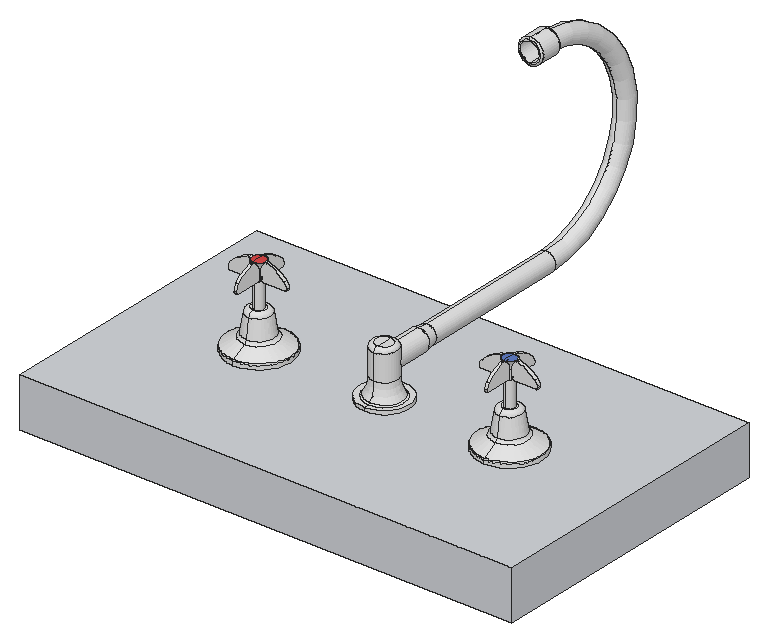
Revit family
Parameters (values of type "49946 (Jumper Valve)")
  WELSRating_ANZRS = "5 star"
  URL = "www.galvinengineering.com.au"
  Type Comments = "Vendal Resistant"
  StyleOrType_ANZRS = "Plumbing Fixture"
  Seating = "Jumper Valve (Option of 1/2 Turn Ceramic Disc)"
  PlumbingMaterial_ANZRS = Metal_Taps_DR-Brass-with-Chrome-Finish_10800
  Outlet = "Swivel Gooseneck 200mm Spout DPW (NSW) with Aerator"
  ModifiedIssue_ANZRS = 20120629.01  # constant formula
  Model = "49946"
  Manufacturer = "Galvin Engineering"
  Keynote = "15400"
  Instructions = "http://www.galvinengineering.com.au/Installation_Guides_1.aspx"
  Inlet = "15mm BSP"
  FlowRate = 0.10 L/s
  FilterObject_ANZRS = "Vendal Resistant"
  DimWidth = 255 mm  # constant formula
  DimInletRadius = 7.5 mm  # constant formula
  DimHeight = 315 mm  # constant formula
  DimDepth = 235 mm  # constant formula
  Description = "Vandal Resistant DPW Wall Sink Set - Jumper Valve, Swivel Gooseneck Sout 200cc x 180h"
  Default Elevation = 900 mm
  CreatedBy_ANZRS = "Galvin Engineering"  # constant formula
  CreatedByURL_ANZRS = "www.galvinengineering.com.au"
  CreatedByPhoneNo_ANZRS = "61-8-92495900"  # constant formula
  Assembly Code = "D2010"
Reference planes
  plane 1 "Bottom": y = 0
  plane 2 "Face": z = 0
  plane 3 "Center (Left/Right)": x = 0
  plane 4 "Left": x = -127.5
  plane 5 "Right": x = 127.5
  plane 6 "Front": z = 235
  plane 7: z = 82.559
  plane 8 "Top": y = 315
  plane 9: y = 185
Forms (mm)
  Extrusion 1, solid
    sketch origin (0, -719.2, 0) x (1, 0, 0) y (0, 1, 0)
      loop
        line (-250, 869.2) -> (-250, 569.2) -> (250, 569.2) -> (250, 869.2) -> (-250, 869.2)
    from 0 to -50
  Revolve 2, solid, material "Metal_Taps_DR-Brass-with-Chrome-Finish_10800" <- "PlumbingMaterial_ANZRS"
    sketch origin (-127.5, 0, 0) x (0, 1, 0) y (0, 0, 1)
      loop
        line (0, 82.559) -> (-7.407, 82.559)
        arc (-7.407, 82.559) -> (-3.989, 78.83) -> (-2.75, 73.925) r 10.333
        line (-2.75, 73.925) -> (-2.75, 64.159) -> (-4.827, 64.159) -> (-4.827, 39) -> (-7.33, 39)
        arc (-7.33, 39) -> (-10.552, 37.823) -> (-12.258, 34.846) r 5
        line (-12.258, 34.846) -> (-15.443, 16.298)
        arc (-15.443, 16.298) -> (-16.285, 14.262) -> (-17.92, 12.786) r 5
        line (-17.92, 12.786) -> (-31.99, 4.872)
        arc (-31.99, 4.872) -> (-32.363, 4.505) -> (-32.5, 4) r 1
        line (-32.5, 4) -> (-32.5, 0) -> (0, 0) -> (0, 82.559)
      axis (0, 0) -> (0, 82.559)
    angle from 0 to 360
  Extrusion 3, solid, material "Metal_Taps_DR-Brass-with-Chrome-Finish_10800" <- "PlumbingMaterial_ANZRS"
    sketch origin (-127.5, 0, 8.123) x (0, 1, 0) y (0, 0, 1)
      loop
        line (-27.98, 56.036) -> (28.02, 56.036)
        arc (28.02, 56.036) -> (29.11, 56.505) -> (29.518, 57.62) r 1.5
        arc (29.518, 57.62) -> (28.88, 61.161) -> (26.905, 64.169) r 9
        arc (26.905, 64.169) -> (19.204, 70.219) -> (10.263, 74.216) r 40
        arc (10.263, 74.216) -> (9.538, 74.381) -> (8.796, 74.436) r 5
        line (8.796, 74.436) -> (-8.62, 74.436)
        arc (-8.62, 74.436) -> (-9.363, 74.38) -> (-10.09, 74.215) r 5
        arc (-10.09, 74.215) -> (-19.14, 70.144) -> (-26.909, 63.971) r 40
        arc (-26.909, 63.971) -> (-28.831, 61.029) -> (-29.479, 57.576) r 9
        arc (-29.479, 57.576) -> (-29.054, 56.49) -> (-27.98, 56.036) r 1.5
    from -1.5 to 1.5
  Revolve 4, solid, material "Plastic_Taps_Red_10800"
    sketch origin (-127.5, 0, 8.123) x (0, 1, 0) y (0, 0, 1)
      loop
        line (0, 74.436) -> (0, 75.522)
        spline (0, 75.522) -> (-0.816, 75.513) -> (-1.618, 75.485) -> (-2.392, 75.44) -> (-3.125, 75.377) -> (-3.805, 75.298) -> (-4.419, 75.204) -> (-4.958, 75.097) -> (-5.413, 74.979) -> (-5.774, 74.852) -> (-6.037, 74.717) -> (-6.197, 74.578) -> (-6.25, 74.436)
        line (-6.25, 74.436) -> (0, 74.436)
      axis (0, 74.436) -> (0, 75.522)
    angle from 0 to 360
  Extrusion 5, solid, material "Metal_Taps_DR-Brass-with-Chrome-Finish_10800" <- "PlumbingMaterial_ANZRS"
    sketch origin (0, 0, 8.123) x (1, 0, 0) y (0, 0, 1)
      loop
        arc (-99.501, 56.036) -> (-98.426, 56.49) -> (-98.001, 57.576) r 1.5
        arc (-98.001, 57.576) -> (-98.65, 61.029) -> (-100.571, 63.971) r 9
        arc (-100.571, 63.971) -> (-108.341, 70.144) -> (-117.391, 74.215) r 40
        arc (-117.391, 74.215) -> (-118.117, 74.38) -> (-118.86, 74.436) r 5
        line (-118.86, 74.436) -> (-136.277, 74.436)
        arc (-136.277, 74.436) -> (-137.018, 74.381) -> (-137.743, 74.216) r 5
        arc (-137.743, 74.216) -> (-146.684, 70.219) -> (-154.385, 64.169) r 40
        arc (-154.385, 64.169) -> (-156.36, 61.161) -> (-156.999, 57.62) r 9
        arc (-156.999, 57.62) -> (-156.591, 56.505) -> (-155.501, 56.036) r 1.5
        line (-155.501, 56.036) -> (-99.501, 56.036)
    from -1.5 to 1.5
  Revolve 6, solid, material "Metal_Taps_DR-Brass-with-Chrome-Finish_10800" <- "PlumbingMaterial_ANZRS"
    sketch origin (0, 0, 0) x (0, 1, 0) y (0, 0, 1)
      loop
        line (0, 52) -> (-8.8, 52)
        arc (-8.8, 52) -> (-11.628, 50.828) -> (-12.8, 48) r 4
        line (-12.8, 48) -> (-12.8, 22.034)
        arc (-12.8, 22.034) -> (-14.107, 12.865) -> (-17.923, 4.427) r 32.816
        arc (-17.923, 4.427) -> (-18.648, 3.747) -> (-19.611, 3.5) r 2
        line (-19.611, 3.5) -> (-25.3, 3.5) -> (-25.3, 0) -> (0, 0) -> (0, 52)
      axis (0, 0) -> (0, 52)
    angle from 0 to 360
  Sweep 7, solid, material "Metal_Taps_DR-Brass-with-Chrome-Finish_10800" <- "PlumbingMaterial_ANZRS"
    path origin (0, 0, 0) x (0, 1, 0) y (0, 0, 1)
      loop
        arc (205.505, 235) -> (305.505, 135) -> (205.505, 35) r 100
        line (205.505, 35) -> (54.2, 35)
    profile origin (0, 129.853, 35) x (0, 0, -1) y (1, 0, 0)
      loop
        circle (0, 0) r 9.5
  Revolve 8, solid, material "Metal_Taps_DR-Brass-with-Chrome-Finish_10800" <- "PlumbingMaterial_ANZRS"
    sketch origin (0, 96.134, -53.668) x (0, 0.173648, -0.984808) y (0, 0.984808, 0.173648)
      loop
        line (-277.445, 161.464) -> (-280.999, 141.308)
        arc (-280.999, 141.308) -> (-280.75, 140.187) -> (-279.782, 139.57) r 1.5
        line (-279.782, 139.57) -> (-278.305, 139.31) -> (-275.222, 156.795) -> (-273.252, 156.448) -> (-272.34, 161.618) -> (-276.243, 162.306)
        arc (-276.243, 162.306) -> (-277.018, 162.134) -> (-277.445, 161.464) r 1.038
      axis (-264.856, 160.298) -> (-268.851, 137.643)
    angle from 0 to 360
  Revolve 9, solid, material "Metal_Taps_DR-Brass-with-Chrome-Finish_10800" <- "PlumbingMaterial_ANZRS"
    sketch origin (127.5, 0, 0) x (0, 1, 0) y (0, 0, 1)
      loop
        line (0, 82.559) -> (-7.407, 82.559)
        arc (-7.407, 82.559) -> (-3.989, 78.83) -> (-2.75, 73.925) r 10.333
        line (-2.75, 73.925) -> (-2.75, 64.159) -> (-4.827, 64.159) -> (-4.827, 39) -> (-7.33, 39)
        arc (-7.33, 39) -> (-10.552, 37.823) -> (-12.258, 34.846) r 5
        line (-12.258, 34.846) -> (-15.443, 16.298)
        arc (-15.443, 16.298) -> (-16.285, 14.262) -> (-17.92, 12.786) r 5
        line (-17.92, 12.786) -> (-31.99, 4.872)
        arc (-31.99, 4.872) -> (-32.363, 4.505) -> (-32.5, 4) r 1
        line (-32.5, 4) -> (-32.5, 0) -> (0, 0) -> (0, 82.559)
      axis (0, 0) -> (0, 82.559)
    angle from 0 to 360
  Extrusion 10, solid, material "Metal_Taps_DR-Brass-with-Chrome-Finish_10800" <- "PlumbingMaterial_ANZRS"
    sketch origin (127.5, 0, 0) x (0, 1, 0) y (0, 0, -1)
      loop
        arc (-27.98, -64.159) -> (-29.054, -64.613) -> (-29.479, -65.699) r 1.5
        arc (-29.479, -65.699) -> (-28.831, -69.153) -> (-26.909, -72.094) r 9
        arc (-26.909, -72.094) -> (-19.14, -78.268) -> (-10.09, -82.338) r 40
        arc (-10.09, -82.338) -> (-9.363, -82.504) -> (-8.62, -82.559) r 5
        line (-8.62, -82.559) -> (8.796, -82.559)
        arc (8.796, -82.559) -> (9.538, -82.504) -> (10.263, -82.339) r 5
        arc (10.263, -82.339) -> (19.204, -78.342) -> (26.905, -72.292) r 40
        arc (26.905, -72.292) -> (28.88, -69.284) -> (29.518, -65.743) r 9
        arc (29.518, -65.743) -> (29.11, -64.629) -> (28.02, -64.159) r 1.5
        line (28.02, -64.159) -> (-27.98, -64.159)
    from -1.5 to 1.5
  Revolve 11, solid, material "Plastic_Taps_Blue_10800"
    sketch origin (127.5, 0, 0) x (0, 1, 0) y (0, 0, 1)
      loop
        line (0, 82.559) -> (0, 83.646)
        spline (0, 83.646) -> (-0.816, 83.636) -> (-1.618, 83.609) -> (-2.392, 83.563) -> (-3.125, 83.5) -> (-3.805, 83.421) -> (-4.419, 83.327) -> (-4.958, 83.221) -> (-5.413, 83.102) -> (-5.774, 82.975) -> (-6.037, 82.84) -> (-6.197, 82.701) -> (-6.25, 82.559)
        line (-6.25, 82.559) -> (0, 82.559)
      axis (0, 82.559) -> (0, 83.646)
    angle from 0 to 360
  Extrusion 12, solid, material "Metal_Taps_DR-Brass-with-Chrome-Finish_10800" <- "PlumbingMaterial_ANZRS"
    sketch origin (0, 0, 8.123) x (-1, 0, 0) y (0, 0, -1)
      loop
        line (-99.501, -56.036) -> (-155.501, -56.036)
        arc (-155.501, -56.036) -> (-156.591, -56.505) -> (-156.999, -57.62) r 1.5
        arc (-156.999, -57.62) -> (-156.36, -61.161) -> (-154.385, -64.169) r 9
        arc (-154.385, -64.169) -> (-146.684, -70.219) -> (-137.743, -74.216) r 40
        arc (-137.743, -74.216) -> (-137.018, -74.381) -> (-136.277, -74.436) r 5
        line (-136.277, -74.436) -> (-118.86, -74.436)
        arc (-118.86, -74.436) -> (-118.117, -74.38) -> (-117.391, -74.215) r 5
        arc (-117.391, -74.215) -> (-108.341, -70.144) -> (-100.571, -63.971) r 40
        arc (-100.571, -63.971) -> (-98.65, -61.029) -> (-98.001, -57.576) r 9
        arc (-98.001, -57.576) -> (-98.426, -56.49) -> (-99.501, -56.036) r 1.5
    from -1.5 to 1.5
  Revolve 13, solid, material "Metal_Taps_DR-Brass-with-Chrome-Finish_10800" <- "PlumbingMaterial_ANZRS"
    sketch origin (0, -57.671, -253.668) x (0, 0.173648, -0.984808) y (0, 0.984808, 0.173648)
      loop
        line (-277.697, 151.393) -> (-284.609, 112.193) -> (-273.678, 110.265) -> (-264.856, 160.298) -> (-274.211, 161.948) -> (-277.697, 151.393)
      axis (-264.856, 160.298) -> (-273.678, 110.265)
    angle from 0 to 360
Cuts and joins
  joined: Sweep 7, Revolve 8
  joined: Revolve 6, Revolve 13
Dimensions and locks
  "DimDepth": plane 2 "Face" to plane 6 "Front"
  "DimWidth": plane 4 "Left" to plane 5 "Right"
  locked: plane 2 "Face" to plane 7 at 82.559
  "DimHeight": plane 8 "Top" to plane 1 "Bottom"
  locked: plane 9 to plane 1 "Bottom" at 185
  aligned and locked: plane 2 "Face" to Extrusion 1
  aligned and locked: level to Extrusion 1
Automatic sketch dimensions
  Extrusion 1 sketch curve to Extrusion 1 sketch curve = 500 mm
  Extrusion 1 sketch curve to Extrusion 1 sketch curve = 300 mm
  Revolve 2 sketch curve to level = 0 mm
  plane 7 to Revolve 2 sketch curve = 0 mm
  Revolve 2 sketch curve to plane 1 "Bottom" = 0 mm  (x2)
  plane 1 "Bottom" to Revolve 2 sketch curve = 2.75 mm
  Revolve 2 sketch curve to Revolve 2 sketch curve = 2.077 mm
  Revolve 2 sketch curve to Revolve 2 sketch curve = 2.502 mm
  plane 1 "Bottom" to Revolve 2 sketch curve = 7.407 mm
  Revolve 2 sketch curve to Revolve 2 sketch curve = 4.928 mm
  plane 7 to Revolve 2 sketch curve = 8.634 mm
  plane 1 "Bottom" to Revolve 2 sketch curve = 15.443 mm
  Revolve 2 sketch curve to Revolve 2 sketch curve = 2.477 mm
  Revolve 2 sketch curve to Revolve 2 sketch curve = 2.451 mm
  level to Revolve 2 sketch curve = 4 mm
  Revolve 2 sketch curve to Revolve 2 sketch curve = 13.58 mm
  Revolve 2 sketch curve to Revolve 2 sketch curve = 0.49 mm
  Revolve 2 sketch curve to Revolve 2 sketch curve = 1 mm
  level to Revolve 2 sketch curve = 12.786 mm
  Revolve 2 sketch curve to Revolve 2 sketch curve = 3.512 mm
  Revolve 2 sketch curve to Revolve 2 sketch curve = 10.74 mm
  Revolve 2 sketch curve to Revolve 2 sketch curve = 6.962 mm
  Revolve 2 sketch curve to Revolve 2 sketch curve = 0.846 mm
  Revolve 2 sketch curve to Revolve 2 sketch curve = 9.766 mm
  Revolve 2 sketch curve to Revolve 2 sketch curve = 12.144 mm
  plane 7 to Extrusion 3 sketch curve = 0 mm
  Extrusion 3 sketch curve to Extrusion 3 sketch curve = 1.499 mm
  Extrusion 3 sketch curve to Extrusion 3 sketch curve = 1.07 mm
  Extrusion 3 sketch curve to Extrusion 3 sketch curve = 0 mm  (x4)
  Extrusion 3 sketch curve to Extrusion 3 sketch curve = 7.5 mm  (x2)
  plane 7 to Extrusion 3 sketch curve = 0.221 mm
  plane 1 "Bottom" to Extrusion 3 sketch curve = 10.09 mm
  Extrusion 3 sketch curve to Extrusion 3 sketch curve = 1.47 mm
  plane 1 "Bottom" to Extrusion 3 sketch curve = 1.47 mm
  Extrusion 3 sketch curve to Extrusion 3 sketch curve = 3.137 mm
  Extrusion 3 sketch curve to plane 1 "Bottom" = 8.796 mm
  plane 7 to Extrusion 3 sketch curve = 0.22 mm
  Extrusion 3 sketch curve to Extrusion 3 sketch curve = 1.467 mm
  Extrusion 3 sketch curve to Extrusion 3 sketch curve = 11.724 mm
  Extrusion 3 sketch curve to Extrusion 3 sketch curve = 6.384 mm
  Extrusion 3 sketch curve to Extrusion 3 sketch curve = 1.498 mm
  Extrusion 3 sketch curve to Extrusion 3 sketch curve = 1.584 mm
  plane 7 to Revolve 4 sketch curve = 0 mm
  Revolve 4 sketch curve to plane 1 "Bottom" = 0 mm  (x2)
  plane 1 "Bottom" to Revolve 4 sketch curve = 6.25 mm
  plane 7 to Revolve 4 sketch curve = 5.89 mm
  Revolve 4 sketch curve to Revolve 4 sketch curve = 1.086 mm
  Revolve 4 sketch curve to Revolve 4 sketch curve = 6.727 mm
  Extrusion 5 sketch curve to plane 7 = 0 mm
  plane 7 to Extrusion 5 sketch curve = 16.816 mm
  Extrusion 5 sketch curve to plane 4 "Left" = 29.499 mm
  Extrusion 5 sketch curve to Extrusion 5 sketch curve = 1.498 mm
  Extrusion 5 sketch curve to Extrusion 5 sketch curve = 1.116 mm
  Extrusion 5 sketch curve to Extrusion 5 sketch curve = 0 mm  (x4)
  Extrusion 5 sketch curve to Extrusion 5 sketch curve = 7.5 mm  (x2)
  plane 7 to Extrusion 5 sketch curve = 0.22 mm
  Extrusion 5 sketch curve to plane 4 "Left" = 10.243 mm
  Extrusion 5 sketch curve to Extrusion 5 sketch curve = 1.467 mm
  Extrusion 5 sketch curve to plane 4 "Left" = 1.647 mm
  plane 4 "Left" to Extrusion 5 sketch curve = 8.64 mm
  plane 7 to Extrusion 5 sketch curve = 0.221 mm
  Extrusion 5 sketch curve to Extrusion 5 sketch curve = 1.47 mm
  Extrusion 5 sketch curve to Extrusion 5 sketch curve = 11.859 mm
  Extrusion 5 sketch curve to Extrusion 5 sketch curve = 6.43 mm
  Extrusion 5 sketch curve to Extrusion 5 sketch curve = 1.499 mm
  Extrusion 5 sketch curve to Extrusion 5 sketch curve = 1.584 mm
  Revolve 6 sketch curve to level = 0 mm
  Revolve 6 sketch curve to plane 1 "Bottom" = 0 mm  (x2)
  plane 1 "Bottom" to Revolve 6 sketch curve = 8.8 mm
  plane 1 "Bottom" to Revolve 6 sketch curve = 12.8 mm
  level to Revolve 6 sketch curve = 4.427 mm
  plane 1 "Bottom" to Revolve 6 sketch curve = 17.923 mm
  Revolve 6 sketch curve to Revolve 6 sketch curve = 0 mm
  Revolve 6 sketch curve to Revolve 6 sketch curve = 1.688 mm
  Revolve 6 sketch curve to Revolve 6 sketch curve = 5.689 mm
  Revolve 6 sketch curve to Revolve 6 sketch curve = 14.703 mm
  Revolve 6 sketch curve to Revolve 6 sketch curve = 25.966 mm
  Revolve 6 sketch curve to Revolve 6 sketch curve = 11.148 mm
  plane 6 "Front" to Sweep 7 sketch curve = 0 mm
  level to Sweep 7 sketch curve = 35 mm
  Sweep 7 sketch curve to plane 1 "Bottom" = 54.2 mm
  Sweep 7 sketch curve to Sweep 7 sketch curve = 151.305 mm
  Sweep 7 sketch curve to plane 3 "Center (Left/Right)" = 0 mm
  Sweep 7 sketch curve to profile plane = 0 mm
  plane 6 "Front" to Revolve 8 sketch curve = 0 mm  (x2)
  Revolve 8 sketch curve to plane 6 "Front" = 12.6 mm
  Revolve 8 sketch curve to plane 1 "Bottom" = 186.5 mm
  Revolve 8 sketch curve to Revolve 8 sketch curve = 1.217 mm
  Revolve 8 sketch curve to Revolve 8 sketch curve = 0.26 mm  (x2)
  Revolve 8 sketch curve to Revolve 8 sketch curve = 1.477 mm
  Revolve 8 sketch curve to Revolve 8 sketch curve = 3.554 mm
  Revolve 8 sketch curve to Revolve 8 sketch curve = 1.022 mm  (x2)
  Revolve 8 sketch curve to Revolve 8 sketch curve = 0.18 mm
  Revolve 8 sketch curve to Revolve 8 sketch curve = 1.201 mm
  Revolve 8 sketch curve to Revolve 8 sketch curve = 1.97 mm
  Revolve 8 sketch curve to Revolve 8 sketch curve = 3.902 mm
  Revolve 8 sketch curve to Revolve 8 sketch curve = 8.739 mm
  Revolve 8 sketch curve to Revolve 8 sketch curve = 6.291 mm
  Revolve 8 sketch curve to Revolve 8 sketch curve = 1.998 mm
  Revolve 9 sketch curve to level = 0 mm
  plane 7 to Revolve 9 sketch curve = 0 mm
  Revolve 9 sketch curve to plane 1 "Bottom" = 0 mm  (x2)
  Revolve 9 sketch curve to plane 1 "Bottom" = 2.75 mm
  Revolve 9 sketch curve to Revolve 9 sketch curve = 2.077 mm
  Revolve 9 sketch curve to Revolve 9 sketch curve = 2.502 mm
  Revolve 9 sketch curve to plane 1 "Bottom" = 7.407 mm
  Revolve 9 sketch curve to Revolve 9 sketch curve = 4.928 mm
  Revolve 9 sketch curve to plane 7 = 8.634 mm
  Revolve 9 sketch curve to plane 1 "Bottom" = 15.443 mm
  Revolve 9 sketch curve to Revolve 9 sketch curve = 2.477 mm
  Revolve 9 sketch curve to Revolve 9 sketch curve = 2.451 mm
  Revolve 9 sketch curve to level = 4 mm
  Revolve 9 sketch curve to Revolve 9 sketch curve = 13.58 mm
  Revolve 9 sketch curve to Revolve 9 sketch curve = 0.49 mm
  Revolve 9 sketch curve to Revolve 9 sketch curve = 1 mm
  Revolve 9 sketch curve to level = 12.786 mm
  Revolve 9 sketch curve to Revolve 9 sketch curve = 3.512 mm
  Revolve 9 sketch curve to Revolve 9 sketch curve = 10.74 mm
  Revolve 9 sketch curve to Revolve 9 sketch curve = 6.962 mm
  Revolve 9 sketch curve to Revolve 9 sketch curve = 0.846 mm
  Revolve 9 sketch curve to Revolve 9 sketch curve = 9.766 mm
  Revolve 9 sketch curve to Revolve 9 sketch curve = 12.144 mm
  plane 7 to Extrusion 10 sketch curve = 0 mm
  Extrusion 10 sketch curve to Extrusion 10 sketch curve = 1.499 mm
  Extrusion 10 sketch curve to Extrusion 10 sketch curve = 1.07 mm
  Extrusion 10 sketch curve to Extrusion 10 sketch curve = 0 mm  (x4)
  Extrusion 10 sketch curve to Extrusion 10 sketch curve = 7.5 mm  (x2)
  Extrusion 10 sketch curve to plane 7 = 0.221 mm
  Extrusion 10 sketch curve to plane 1 "Bottom" = 10.09 mm
  Extrusion 10 sketch curve to Extrusion 10 sketch curve = 1.47 mm
  Extrusion 10 sketch curve to plane 1 "Bottom" = 1.47 mm
  Extrusion 10 sketch curve to Extrusion 10 sketch curve = 3.137 mm
  plane 1 "Bottom" to Extrusion 10 sketch curve = 8.796 mm
  Extrusion 10 sketch curve to plane 7 = 0.22 mm
  Extrusion 10 sketch curve to Extrusion 10 sketch curve = 1.467 mm
  Extrusion 10 sketch curve to Extrusion 10 sketch curve = 11.724 mm
  Extrusion 10 sketch curve to Extrusion 10 sketch curve = 6.384 mm
  Extrusion 10 sketch curve to Extrusion 10 sketch curve = 1.498 mm
  Extrusion 10 sketch curve to Extrusion 10 sketch curve = 1.584 mm
  plane 7 to Revolve 11 sketch curve = 0 mm
  Revolve 11 sketch curve to plane 1 "Bottom" = 0 mm  (x2)
  Revolve 11 sketch curve to plane 1 "Bottom" = 6.25 mm
  Revolve 11 sketch curve to plane 7 = 5.89 mm
  Revolve 11 sketch curve to Revolve 11 sketch curve = 1.086 mm
  Revolve 11 sketch curve to Revolve 11 sketch curve = 6.727 mm
  Extrusion 12 sketch curve to plane 7 = 0 mm
  Extrusion 12 sketch curve to plane 7 = 16.816 mm
  plane 5 "Right" to Extrusion 12 sketch curve = 29.499 mm
  Extrusion 12 sketch curve to Extrusion 12 sketch curve = 1.498 mm
  Extrusion 12 sketch curve to Extrusion 12 sketch curve = 1.116 mm
  Extrusion 12 sketch curve to Extrusion 12 sketch curve = 0 mm  (x4)
  Extrusion 12 sketch curve to Extrusion 12 sketch curve = 7.5 mm  (x2)
  Extrusion 12 sketch curve to plane 7 = 0.22 mm
  plane 5 "Right" to Extrusion 12 sketch curve = 10.243 mm
  Extrusion 12 sketch curve to Extrusion 12 sketch curve = 1.467 mm
  plane 5 "Right" to Extrusion 12 sketch curve = 1.647 mm
  Extrusion 12 sketch curve to plane 5 "Right" = 8.64 mm
  Extrusion 12 sketch curve to plane 7 = 0.221 mm
  Extrusion 12 sketch curve to Extrusion 12 sketch curve = 1.47 mm
  Extrusion 12 sketch curve to Extrusion 12 sketch curve = 11.859 mm
  Extrusion 12 sketch curve to Extrusion 12 sketch curve = 6.43 mm
  Extrusion 12 sketch curve to Extrusion 12 sketch curve = 1.499 mm
  Extrusion 12 sketch curve to Extrusion 12 sketch curve = 1.584 mm
  Revolve 13 sketch curve to Revolve 13 sketch curve = 6.912 mm
  Revolve 13 sketch curve to Revolve 13 sketch curve = 3.486 mm
  Revolve 13 sketch curve to Revolve 13 sketch curve = 10.931 mm
  Revolve 13 sketch curve to Revolve 13 sketch curve = 8.131 mm
  Revolve 13 sketch curve to Revolve 13 sketch curve = 9.356 mm
  Revolve 13 sketch curve to Revolve 13 sketch curve = 1.367 mm
  Revolve 13 sketch curve to Revolve 13 sketch curve = 17.808 mm
  Revolve 13 sketch curve to Revolve 13 sketch curve = 7.755 mm
  Revolve 13 sketch curve to plane 1 "Bottom" = 3.395 mm
  plane 7 to Revolve 13 sketch curve = 36.459 mm
  Revolve 13 sketch curve to Revolve 13 sketch curve = 1.927 mm
  Extrusion 3 sketch curve to Extrusion 3 sketch curve = 11.859 mm
  level to Revolve 6 sketch curve = 22.034 mm
  Extrusion 10 sketch curve to Extrusion 10 sketch curve = 11.859 mm
  radius of Sweep 7 sketch curve = 9.5 mm
Connectors
  piping at (0, 0, 0), driven by "FlowRate", driven by "DimInletRadius"
    settings: on Revolve 6, index 1, connector radius 0.29528", flow factor 0, pipe flow 0.10 L/s, pressure drop 0.00 psi, fitting loss kfactor 0, connector angle 0.00°, fixture units 0, flow configuration 1, flow direction 1, fitting loss method 4, system type 20, connector reference index -1, connector utility 0, adjustable connector no, is connector primary yes, fitting loss table "", connector description "Inlet"
